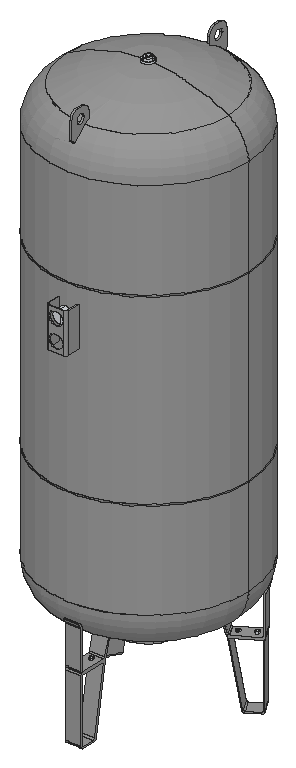
Revit family "WRV 1000", category Оборудование, Revit 2014
Parameters
  Описание = "Мембранный бак для отопления V=1000л, Py=10бар, 2\""
  Материал = Красная краска
  Масса кг = "165"
  Комментарии к типоразмеру = "WRV 1000"
  Изготовитель = "WESTER"  # constant formula
  URL = "http://www.wester.su/"
Reference planes
  plane 1 "По центру (Вперед/Назад)": y = 0
  plane 2: z = 0
  plane 3 "По центру (Влево/Вправо)": x = 0
Forms (mm)
  Revolve 1, solid, material "Красная краска" <- "Материал"
    sketch origin (161.5, 0, 720.958) x (0, 0, 1) y (-1, 0, 0)
      loop
        line (-429.958, 161.5) -> (1511.629, 161.5)
        arc (1511.629, 161.5) -> (1490.652, 322.945) -> (1428.53, 473.429) r 622.453
        arc (1428.53, 473.429) -> (1371.454, 530.586) -> (1293.437, 551.51) r 155.907
        line (1293.437, 551.51) -> (911.282, 551.51)
        arc (911.282, 551.51) -> (908.782, 552.387) -> (906.282, 551.51) r 4
        line (906.282, 551.51) -> (182.452, 551.51)
        arc (182.452, 551.51) -> (179.952, 552.387) -> (177.452, 551.51) r 4
        line (177.452, 551.51) -> (-204.765, 551.51)
        arc (-204.765, 551.51) -> (-282.777, 530.591) -> (-339.873, 473.464) r 156.004
        arc (-339.873, 473.464) -> (-387.04, 371.473) -> (-415.161, 262.679) r 624.357
        line (-415.161, 262.679) -> (-429.958, 247.881) -> (-429.958, 161.5)
      axis (-429.958, 161.5) -> (1511.629, 161.5)
    angle from 0 to 360
  Revolve 2, solid, material "Красная краска" <- "Материал"
    sketch origin (0, 0, 542.559) x (-1, 0, 0) y (0, 0, -1)
      loop
        line (0, 251.559) -> (120, 251.559) -> (120, 259.559) -> (100, 259.559) -> (100, 268.559) -> (125, 268.559) -> (125, 274.559) -> (27.498, 274.559)
        arc (27.498, 274.559) -> (26.619, 276.68) -> (24.498, 277.559) r 3
        line (24.498, 277.559) -> (24.498, 322.559) -> (19.506, 322.559) -> (19.506, 279.516) -> (0, 279.516) -> (0, 251.559)
      axis (0, 322.559) -> (0, 251.559)
    angle from 0 to 360
  Revolve 3, solid
    sketch origin (0, 0, 1581) x (1, 0, 0) y (0, 0, 1)
      loop
        line (-13.204, 667.82) -> (-13.204, 663) -> (-16, 663) -> (-16, 656.503) -> (-23.985, 656.503) -> (-23.985, 651.489) -> (0, 651.489) -> (0, 653.751) -> (-7.729, 653.751) -> (-9.298, 655.32) -> (-9.298, 669.819) -> (-11.205, 669.819) -> (-13.204, 667.82)
      axis (0, 669.819) -> (0, 651.489)
    angle from 0 to 360
  Extrusion 4, solid, material "Красная краска" <- "Материал"
    sketch origin (0, 0, 0) x (0, 1, 0) y (0, 0, 1)
      loop
        line (-363.5, 256.711) -> (-363.5, 10)
        arc (-363.5, 10) -> (-360.571, 2.929) -> (-353.5, 0) r 10
        line (-353.5, 0) -> (-302.041, 0)
        arc (-302.041, 0) -> (-295.613, 2.34) -> (-292.193, 8.264) r 10
        line (-292.193, 8.264) -> (-248.28, 257.305)
        arc (-248.28, 257.305) -> (-250.055, 260.659) -> (-253.604, 262) r 5.366
        arc (-253.604, 262) -> (-247.516, 264.066) -> (-243.945, 269.412) r 10
        line (-243.945, 269.412) -> (-228.032, 328.8)
        arc (-228.032, 328.8) -> (-225.007, 332.569) -> (-220.184, 332.885) r 6
        line (-220.184, 332.885) -> (-211.645, 329.777) -> (-210.277, 333.536) -> (-218.816, 336.644)
        arc (-218.816, 336.644) -> (-226.854, 336.117) -> (-231.895, 329.835) r 10
        line (-231.895, 329.835) -> (-247.808, 270.447)
        arc (-247.808, 270.447) -> (-249.951, 267.24) -> (-253.604, 266) r 6
        line (-253.604, 266) -> (-355, 266)
        arc (-355, 266) -> (-359.243, 267.757) -> (-361, 272) r 6
        line (-361, 272) -> (-361, 421.321)
        arc (-361, 421.321) -> (-361.341, 423.909) -> (-362.34, 426.321) r 10
        line (-362.34, 426.321) -> (-371, 441.321) -> (-374.464, 439.321) -> (-365.804, 424.321)
        arc (-365.804, 424.321) -> (-365.204, 422.873) -> (-365, 421.321) r 6
        line (-365, 421.321) -> (-365, 272)
        arc (-365, 272) -> (-362.071, 264.929) -> (-355, 262) r 10
        line (-355, 262) -> (-359.63, 262)
        arc (-359.63, 262) -> (-362.466, 260.015) -> (-363.5, 256.711) r 5.366
      loop
        arc (-359.5, 10) -> (-357.743, 5.757) -> (-353.5, 4) r 6
        line (-353.5, 4) -> (-302.041, 4)
        arc (-302.041, 4) -> (-298.184, 5.404) -> (-296.132, 8.958) r 6
        line (-296.132, 8.958) -> (-252.62, 255.726)
        arc (-252.62, 255.726) -> (-253.286, 257.334) -> (-254.894, 258) r 2.274
        line (-254.894, 258) -> (-357.882, 258)
        arc (-357.882, 258) -> (-359.026, 257.526) -> (-359.5, 256.382) r 1.618
        line (-359.5, 256.382) -> (-359.5, 10)
    from -30 to 30
  Extrusion 5, solid, material "Красная краска" <- "Материал"
    sketch origin (-6.607, 11.444, 0) x (-0.866025, -0.5, 0) y (0, 0, 1)
      loop
        line (-363.5, 256.711) -> (-363.5, 10)
        arc (-363.5, 10) -> (-360.571, 2.929) -> (-353.5, 0) r 10
        line (-353.5, 0) -> (-302.041, 0)
        arc (-302.041, 0) -> (-295.613, 2.34) -> (-292.193, 8.264) r 10
        line (-292.193, 8.264) -> (-248.28, 257.305)
        arc (-248.28, 257.305) -> (-250.055, 260.659) -> (-253.604, 262) r 5.366
        arc (-253.604, 262) -> (-247.516, 264.066) -> (-243.945, 269.412) r 10
        line (-243.945, 269.412) -> (-228.032, 328.8)
        arc (-228.032, 328.8) -> (-225.007, 332.569) -> (-220.184, 332.885) r 6
        line (-220.184, 332.885) -> (-211.645, 329.777) -> (-210.277, 333.536) -> (-218.816, 336.644)
        arc (-218.816, 336.644) -> (-226.854, 336.117) -> (-231.895, 329.835) r 10
        line (-231.895, 329.835) -> (-247.808, 270.447)
        arc (-247.808, 270.447) -> (-249.951, 267.24) -> (-253.604, 266) r 6
        line (-253.604, 266) -> (-355, 266)
        arc (-355, 266) -> (-359.243, 267.757) -> (-361, 272) r 6
        line (-361, 272) -> (-361, 421.321)
        arc (-361, 421.321) -> (-361.341, 423.909) -> (-362.34, 426.321) r 10
        line (-362.34, 426.321) -> (-371, 441.321) -> (-374.464, 439.321) -> (-365.804, 424.321)
        arc (-365.804, 424.321) -> (-365.204, 422.873) -> (-365, 421.321) r 6
        line (-365, 421.321) -> (-365, 272)
        arc (-365, 272) -> (-362.071, 264.929) -> (-355, 262) r 10
        line (-355, 262) -> (-359.63, 262)
        arc (-359.63, 262) -> (-362.466, 260.015) -> (-363.5, 256.711) r 5.366
      loop
        arc (-359.5, 10) -> (-357.743, 5.757) -> (-353.5, 4) r 6
        line (-353.5, 4) -> (-302.041, 4)
        arc (-302.041, 4) -> (-298.184, 5.404) -> (-296.132, 8.958) r 6
        line (-296.132, 8.958) -> (-252.62, 255.726)
        arc (-252.62, 255.726) -> (-253.286, 257.334) -> (-254.894, 258) r 2.274
        line (-254.894, 258) -> (-357.882, 258)
        arc (-357.882, 258) -> (-359.026, 257.526) -> (-359.5, 256.382) r 1.618
        line (-359.5, 256.382) -> (-359.5, 10)
    from -43.215 to 16.785
  Extrusion 6, solid, material "Красная краска" <- "Материал"
    sketch origin (-44.612, -75.587, 0) x (0.866025, -0.5, 0) y (0, 0, 1)
      loop
        line (-363.5, 256.711) -> (-363.5, 10)
        arc (-363.5, 10) -> (-360.571, 2.929) -> (-353.5, 0) r 10
        line (-353.5, 0) -> (-302.041, 0)
        arc (-302.041, 0) -> (-295.613, 2.34) -> (-292.193, 8.264) r 10
        line (-292.193, 8.264) -> (-248.28, 257.305)
        arc (-248.28, 257.305) -> (-250.055, 260.659) -> (-253.604, 262) r 5.366
        arc (-253.604, 262) -> (-247.516, 264.066) -> (-243.945, 269.412) r 10
        line (-243.945, 269.412) -> (-228.032, 328.8)
        arc (-228.032, 328.8) -> (-225.007, 332.569) -> (-220.184, 332.885) r 6
        line (-220.184, 332.885) -> (-211.645, 329.777) -> (-210.277, 333.536) -> (-218.816, 336.644)
        arc (-218.816, 336.644) -> (-226.854, 336.117) -> (-231.895, 329.835) r 10
        line (-231.895, 329.835) -> (-247.808, 270.447)
        arc (-247.808, 270.447) -> (-249.951, 267.24) -> (-253.604, 266) r 6
        line (-253.604, 266) -> (-355, 266)
        arc (-355, 266) -> (-359.243, 267.757) -> (-361, 272) r 6
        line (-361, 272) -> (-361, 421.321)
        arc (-361, 421.321) -> (-361.341, 423.909) -> (-362.34, 426.321) r 10
        line (-362.34, 426.321) -> (-371, 441.321) -> (-374.464, 439.321) -> (-365.804, 424.321)
        arc (-365.804, 424.321) -> (-365.204, 422.873) -> (-365, 421.321) r 6
        line (-365, 421.321) -> (-365, 272)
        arc (-365, 272) -> (-362.071, 264.929) -> (-355, 262) r 10
        line (-355, 262) -> (-359.63, 262)
        arc (-359.63, 262) -> (-362.466, 260.015) -> (-363.5, 256.711) r 5.366
      loop
        arc (-359.5, 10) -> (-357.743, 5.757) -> (-353.5, 4) r 6
        line (-353.5, 4) -> (-302.041, 4)
        arc (-302.041, 4) -> (-298.184, 5.404) -> (-296.132, 8.958) r 6
        line (-296.132, 8.958) -> (-252.62, 255.726)
        arc (-252.62, 255.726) -> (-253.286, 257.334) -> (-254.894, 258) r 2.274
        line (-254.894, 258) -> (-357.882, 258)
        arc (-357.882, 258) -> (-359.026, 257.526) -> (-359.5, 256.382) r 1.618
        line (-359.5, 256.382) -> (-359.5, 10)
    from -117.766 to -57.766
  Extrusion 7, solid, material "Красная краска" <- "Материал"
    sketch origin (0, 0, 380.625) x (0, 1, 0) y (0, 0, 1)
      loop
        line (295, 1805.446) -> (295, 1777.795) -> (361.865, 1722.311) -> (375, 1735.446) -> (375, 1805.446)
        arc (375, 1805.446) -> (366.213, 1826.659) -> (345, 1835.446) r 30
        line (345, 1835.446) -> (325, 1835.446)
        arc (325, 1835.446) -> (303.787, 1826.659) -> (295, 1805.446) r 30
      loop
        circle (335.055, 1795.467) r 20
      loop
        arc (-295, 1805.446) -> (-303.787, 1826.659) -> (-325, 1835.446) r 30
        line (-325, 1835.446) -> (-345, 1835.446)
        arc (-345, 1835.446) -> (-366.213, 1826.659) -> (-375, 1805.446) r 30
        line (-375, 1805.446) -> (-375, 1735.446) -> (-361.865, 1722.311) -> (-295, 1777.795) -> (-295, 1805.446)
      loop
        circle (-335.055, 1795.467) r 20
    from -4 to 4
  Revolve 8, solid
    sketch origin (0, 0, 388.125) x (0, 1, 0) y (0, 0, 1)
      loop
        line (-389.991, 1060) -> (-389.991, 1065.5) -> (-394, 1065.5) -> (-394, 1063.991) -> (-403.476, 1063.991) -> (-404.501, 1062.967) -> (-404.501, 1062.095) -> (-394, 1062.095) -> (-394, 1060) -> (-389.991, 1060)
      axis (-389.991, 1060) -> (-404.501, 1060)
    angle from 0 to 360
  Revolve 9, solid
    sketch origin (0, 0, 388.125) x (0, 1, 0) y (0, 0, 1)
      loop
        line (-389.969, 1140) -> (-389.969, 1152) -> (-393.5, 1152) -> (-393.5, 1147) -> (-403.5, 1147) -> (-403.5, 1165) -> (-431.714, 1165) -> (-431.714, 1140) -> (-389.969, 1140)
      axis (-389.969, 1140) -> (-431.714, 1140)
    angle from 0 to 360
  Extrusion 10, solid, material "Красная краска" <- "Материал"
    sketch origin (0, 0, 0) x (1, 0, 0) y (0, 1, 0)
      loop
        line (40, -437.837) -> (40, -385.962) -> (36, -385.962) -> (36, -437.837)
        arc (36, -437.837) -> (34.243, -442.08) -> (30, -443.837) r 6
        line (30, -443.837) -> (-30, -443.837)
        arc (-30, -443.837) -> (-34.243, -442.08) -> (-36, -437.837) r 6
        line (-36, -437.837) -> (-36, -386.587) -> (-40, -386.587) -> (-40, -437.837)
        arc (-40, -437.837) -> (-37.071, -444.908) -> (-30, -447.837) r 10
        line (-30, -447.837) -> (30, -447.837)
        arc (30, -447.837) -> (37.071, -444.908) -> (40, -437.837) r 10
    from 1410.5 to 1565.5
  Extrusion 11, void
    sketch origin (0, 0, 388.125) x (1, 0, 0) y (0, 0, 1)
      loop
        circle (0, 1139.927) r 27.449
      loop
        circle (0, 1059.927) r 27.449
    from 443.837 to 447.837
Cuts and joins
  Extrusion 11 cuts Extrusion 10
  joined: Revolve 1, Extrusion 7, Extrusion 10
Dimensions and locks
  aligned and locked: level to plane 2
Nested families
  nested 1: "Болт" at (0, -107.984, 268) x (0, 1, 0) z (0, 0, -1), type "Болт"
  nested 2: "Болт" at (-93.625, -53.943, 268) x (0, 1, 0) z (0, 0, -1), type "Болт"
  nested 3: "Болт" at (-93.547, 53.952, 268) x (0, 1, 0) z (0, 0, -1), type "Болт"
  nested 4: "Болт" at (93.579, 54.029, 268) x (0, 1, 0) z (0, 0, -1), type "Болт"
  nested 5: "Болт" at (0, 108.014, 268) x (0, 1, 0) z (0, 0, -1), type "Болт"
  nested 6: "Болт" at (93.579, -54.025, 268) x (0, 1, 0) z (0, 0, -1), type "Болт"
  nested 7: "Болт" at (-239.03, 138.044, 266) x (-0.866, -0.5, 0) z (0, 0, 1), type "Болт"
    with L 20 mm
  nested 8: "Болт" at (-290.943, 167.993, 266) x (-0.866, -0.5, 0) z (0, 0, 1), type "Болт"
    with L 20 mm
  nested 9: "Болт" at (-290.943, 167.993, 258) x (0, 1, 0) z (0, 0, -1), type "Болт"
    with L 10 mm
  nested 10: "Болт" at (-239.03, 138.044, 258) x (0.866, 0.5, 0) z (0, 0, -1), type "Болт"
    with L 10 mm
  nested 11: "Болт" at (0, -275.938, 258) x (0, 1, 0) z (0, 0, -1), type "Болт"
    with L 10 mm
  nested 12: "Болт" at (0, -335.937, 258) x (0, 1, 0) z (0, 0, -1), type "Болт"
    with L 10 mm
  nested 13: "Болт" at (239.018, 138.008, 258) x (-0.866, -0.5, 0) z (0, 0, -1), type "Болт"
    with L 10 mm
  nested 14: "Болт" at (290.98, 168.008, 258) x (-0.866, -0.5, 0) z (0, 0, -1), type "Болт"
    with L 10 mm
  nested 15: "Болт" at (290.98, 168.008, 266) x (-0.866, -0.5, 0) z (0, 0, 1), type "Болт"
    with L 20 mm
  nested 16: "Болт" at (239.018, 138.008, 266) x (-0.866, -0.5, 0) z (0, 0, 1), type "Болт"
    with L 20 mm
  nested 17: "Болт" at (0, -275.938, 266) x (0, 1, 0) z (0, 0, 1), type "Болт"
    with L 20 mm
  nested 18: "Болт" at (0, -335.938, 266) x (0, 1, 0) z (0, 0, 1), type "Болт"
    with L 20 mm
Connectors
  piping at (0, 0, 220), diameter 50
    settings: on Revolve 2, index 1, connector inside diameter 609.6 mm, connector length 0 mm, flow factor 0, pipe flow 0.0 L/s, pressure drop 0.0 Pa, fitting loss kfactor 0, connector angle 0.00°, fixture units 0, engagement length 0 mm, angle of deflection 0.00°, flow configuration 1, flow direction 0, fitting loss method 0, system type 29, joint type 0, gender type 0, connector reference index -1, connector utility 0, adjustable connector no, is connector primary yes, connector description ""
Definition of nested family "Болт"
  Parameters (values of type "Болт")
    Default Elevation = 1219.2 mm
    L [instance] = 30 mm
  Reference planes
    plane 1 "По центру (Вперед/Назад)": y = 0
    plane 2: z = 0
    plane 3 "По центру (Влево/Вправо)": x = 0
    plane 4: z = -30
  Forms (mm)
    Extrusion 1, solid
      sketch origin (0, 0, 0) x (1, 0, 0) y (0, 1, 0)
        loop
          line (-1219.2, 1219.2) -> (-1219.2, -1219.2) -> (1219.2, -1219.2) -> (1219.2, 1219.2) -> (-1219.2, 1219.2)
      from 0 to -304.8
    Extrusion 2, solid, detail levels medium+fine
      sketch origin (0, 0, 0) x (0, 1, 0) y (-1, 0, 0)
        loop
          line (-6.5, -3.753) -> (0, -7.506) -> (6.5, -3.753) -> (6.5, 3.753) -> (0, 7.506) -> (-6.5, 3.753) -> (-6.5, -3.753)
      from 0 to 5.3
    Extrusion 3, solid, detail levels medium+fine
      sketch origin (0, 0, 0) x (1, 0, 0) y (0, 1, 0)
        loop
          circle (0, 0) r 4
      from -30 to 0
    Revolve 4, void
      sketch origin (0, 0, 0) x (1, 0, 0) y (0, 0, 1)
        loop
          line (-7.506, 4.447) -> (-6.413, 5.3) -> (-7.506, 5.3) -> (-7.506, 4.447)
        axis (0, 5.3) -> (0, 4.3)
      angle from 0 to 360
    Revolve 5, void
      sketch origin (0, 0, -51.56) x (1, 0, 0) y (0, 0, 1)
        loop
          line (-4, 21.56) -> (-2.365, 21.56) -> (-4, 23.195) -> (-4, 21.56)
        axis (0, 23.195) -> (0, 21.56)
      angle from 0 to 360
  Cuts and joins
    Revolve 4 cuts Extrusion 2
    Revolve 5 cuts Extrusion 3
    joined: Extrusion 2, Extrusion 3
  Dimensions and locks
    Extrusion 1 to cut or joined group of Extrusion 2, Extrusion 3, Revolve 4, Revolve 5 = 30 mm
    "L": level to plane 4
    locked: Revolve 5 sketch curve to plane 4 at 1.635
    aligned and locked: plane 2 to Extrusion 1
    aligned and locked: level to Extrusion 1
    aligned and locked: Revolve 4 sketch curve to plane 3 "По центру (Влево/Вправо)"
    aligned and locked: cut or joined group of Extrusion 2, Extrusion 3, Revolve 4, Revolve 5 to Revolve 4 sketch curve
    aligned and locked: Extrusion 3 to plane 4
    aligned and locked: cut or joined group of Extrusion 2, Extrusion 3, Revolve 4, Revolve 5 to plane 4
  Automatic sketch dimensions
    Extrusion 1 sketch curve to Extrusion 1 sketch curve = 2438.4 mm  (x2)
    plane 1 "По центру (Вперед/Назад)" to Extrusion 2 sketch curve = 0 mm  (x2)
    plane 1 "По центру (Вперед/Назад)" to Extrusion 2 sketch curve = 6.5 mm
    Extrusion 2 sketch curve to plane 1 "По центру (Вперед/Назад)" = 6.5 mm
    plane 3 "По центру (Влево/Вправо)" to Extrusion 2 sketch curve = 7.506 mm
    plane 3 "По центру (Влево/Вправо)" to Extrusion 2 sketch curve = 3.753 mm  (x2)
    Extrusion 2 sketch curve to plane 3 "По центру (Влево/Вправо)" = 3.753 mm  (x2)
    Extrusion 2 sketch curve to plane 3 "По центру (Влево/Вправо)" = 7.506 mm
    plane 1 "По центру (Вперед/Назад)" to Extrusion 3 sketch curve = 0 mm
    Extrusion 3 sketch curve to plane 3 "По центру (Влево/Вправо)" = 0 mm
    Revolve 4 sketch curve to plane 3 "По центру (Влево/Вправо)" = 6.413 mm
    Revolve 4 sketch curve to Revolve 4 sketch curve = 1.092 mm
    Revolve 4 sketch curve to Revolve 4 sketch curve = 0.853 mm
    Revolve 4 sketch curve to plane 4 = 544.04 mm
    Revolve 4 sketch curve to Revolve 4 sketch curve = 2603.758 mm
    plane 3 "По центру (Влево/Вправо)" to Revolve 5 sketch curve = 0 mm
    Revolve 5 sketch curve to plane 3 "По центру (Влево/Вправо)" = 2.365 mm
    Revolve 5 sketch curve to Revolve 5 sketch curve = 1.635 mm  (x2)
    Revolve 5 sketch curve to plane 4 = 595.6 mm
    level to Revolve 5 sketch curve = 2557.498 mm
    radius of Extrusion 3 sketch curve = 4 mm
